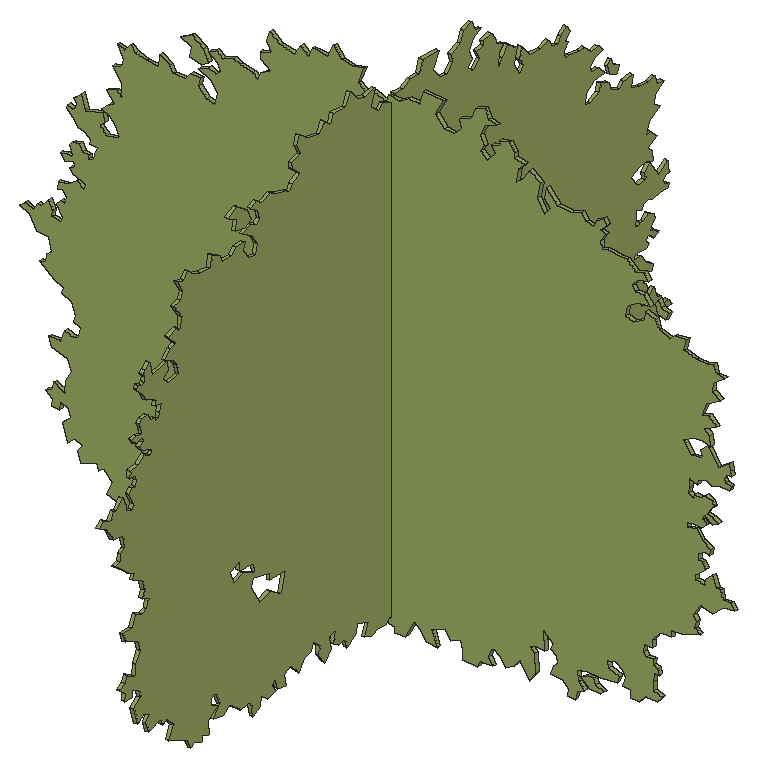
Revit family "회양목", category 수목, Revit 2019
Family settings
  OmniClass 번호 = 23.40.05.00
  OmniClass 제목 = Plants and Planting Products
  작업 기준면 기반 = 아니오
  항상 수직 = 예
  로드될 때 보이드를 사용하여 절단 = 아니오
  렌더 모양 소스 = 패밀리 형상
  공유 = 아니오
Parameters
  높이 = 6000 mm
Reference planes
  plane 1 "중심(앞/뒤)": y = 0
  plane 2: z = 0
  plane 3 "중심(왼쪽/오른쪽)": x = 0
Dimensions and locks
  aligned and locked: level to plane 2
Nested families
  nested 1: "회양목_base" at (0, 0, 0), type "회양목_base"
Definition of nested family "회양목_base"
  Parameters (values of type "회양목_base")
    Height = 6000 mm
  Reference planes
    plane 1 "중심(앞/뒤)": y = 0
    plane 2: z = 0
    plane 3 "중심(왼쪽/오른쪽)": x = 0
  Forms (mm)
    Extrusion 1, solid, detail levels fine
      sketch origin (0, 0, 0) x (1, 0, 0) y (0, 0, 1)
        loop
          line (-394.679, 39.716) -> (-403.323, 23.05) -> (-389.122, 18.112) -> (-370.907, 9.779) -> (-363.189, -4.419) -> (-358.559, 1.137) -> (-344.666, -4.11) -> (-343.74, 4.532) -> (-330.774, -1.641) -> (-333.553, 18.42) -> (-315.029, 29.223) -> (-327.687, 34.161) -> (-328.613, 44.037) -> (-319.66, 48.358) -> (-311.634, 29.84) -> (-322.747, 15.643) -> (-305.531, 11.699) -> (-294.443, 21.228) -> (-273.824, 5.671) -> (-256.9, 8.782) -> (-252.233, -12.269) -> (-239.394, -5.074) -> (-237.838, 7.567) -> (-225.778, -0.601) -> (-211.578, 3.094) -> (-217.413, 12.234) -> (-212.939, 19.235) -> (-207.104, 3.872) -> (-193.098, 1.927) -> (-196.21, 17.096) -> (-184.15, 23.125) -> (-169.366, 7.956) -> (-160.224, 21.375) -> (-147.774, 25.069) -> (-144.078, 35.376) -> (-132.796, 26.82) -> (-133.769, 14.568) -> (-123.07, 0.761) -> (-112.76, 14.179) -> (-115.289, 29.931) -> (-103.034, 34.404) -> (-107.508, 18.263) -> (-97.393, 11.651) -> (-87.861, 15.735) -> (-83.387, 2.511) -> (-67.456, 12.993) -> (-65.372, 25.001) -> (-43.923, 17.894) -> (-50.787, 1.842) -> (-38.04, -2.692) -> (-27.989, 1.964) -> (-13.036, 0.494) -> (-6.375, 7.962) -> (3.676, -2.331) -> (10.54, -3.679) -> (10.417, -11.153) -> (26.719, -10.541) -> (39.834, 12.863) -> (47.188, 6.492) -> (57.606, -6.497) -> (72.437, -8.213) -> (63.98, 12.863) -> (83.445, 19.798) -> (91.143, 7.563) -> (105.947, 13.483) -> (108.908, 1.643) -> (108.316, -10.987) -> (130.818, -11.973) -> (135.358, -5.066) -> (152.333, -4.277) -> (146.609, 5.787) -> (151.346, 19.008) -> (163.189, 11.707) -> (170.295, -0.33) -> (183.126, 7.366) -> (191.416, 16.246) -> (204.444, -4.277) -> (214.313, 7.563) -> (212.931, 34.006) -> (206.812, 39.531) -> (212.142, 43.281) -> (227.143, 41.307) -> (225.169, 66.961) -> (240.171, 55.91) -> (234.85, 46.553) -> (243.487, 41.642) -> (245.558, 31.806) -> (240.171, 27.057) -> (235.236, 15.612) -> (252.804, 13.639) -> (261.094, 4.364) -> (260.107, -4.911) -> (270.569, -5.898) -> (274.446, 5.799) -> (284.562, 10.359) -> (275.636, 19.878) -> (273.454, 33.164) -> (288.33, 35.94) -> (306.777, 34.949) -> (330.976, 37.13) -> (334.943, 46.252) -> (319.273, 52.796) -> (317.29, 61.124) -> (328.596, 63.9) -> (338.315, 56.96) -> (342.679, 47.045) -> (338.712, 35.94) -> (349.621, 34.949) -> (350.613, 24.835) -> (363.506, 24.439) -> (371.44, 33.561) -> (389.292, 33.362) -> (395.639, 40.303) -> (383.738, 45.459) -> (383.341, 57.158) -> (385.278, 67.579) -> (391.427, 67.579) -> (388.792, 76.009) -> (382.643, 78.819) -> (383.341, 86.011) -> (373.622, 86.011) -> (369.06, 90.572) -> (370.647, 100.09) -> (381.89, 100.09) -> (382.059, 110.124) -> (392.873, 123.131) -> (409.769, 123.638) -> (409.262, 131.915) -> (423.793, 132.928) -> (450.134, 140.941) -> (442.493, 146.542) -> (445.38, 156.048) -> (440.965, 163.347) -> (451.38, 178.69) -> (467.51, 174.107) -> (484.489, 187.347) -> (499.94, 188.535) -> (494.337, 197.023) -> (481.772, 196.344) -> (479.565, 208.395) -> (473.962, 209.074) -> (468.699, 224.012) -> (458.511, 214.676) -> (456.983, 207.716) -> (444.079, 209.414) -> (444.079, 216.373) -> (457.662, 227.576) -> (453.363, 235.405) -> (448.374, 236.953) -> (448.374, 244.519) -> (457.147, 250.022) -> (463.511, 246.927) -> (465.748, 255.525) -> (453.019, 262.919) -> (444.418, 274.785) -> (432.549, 273.237) -> (432.205, 278.912) -> (438.57, 281.148) -> (452.847, 279.944) -> (458.695, 284.759) -> (453.191, 290.606) -> (456.975, 296.453) -> (467.984, 288.198) -> (476.928, 293.013) -> (468.672, 298.172) -> (460.415, 300.064) -> (464.543, 307.114) -> (469.305, 311.988) -> (467.348, 318.402) -> (458.649, 323.076) -> (450.711, 317.206) -> (442.447, 318.619) -> (441.034, 314.271) -> (434.075, 318.293) -> (435.488, 324.598) -> (435.379, 336.773) -> (446.906, 332.968) -> (447.558, 339.056) -> (457.997, 342.426) -> (466.152, 338.186) -> (479.853, 341.774) -> (492.466, 341.448) -> (494.749, 346.883) -> (486.92, 349.601) -> (484.854, 353.84) -> (489.095, 359.819) -> (495.946, 360.254) -> (493.771, 366.776) -> (493.118, 376.451) -> (475.938, 364.82) -> (460.502, 387.684) -> (450.824, 378.879) -> (453.108, 369.204) -> (438.428, 368.008) -> (426.685, 383.227) -> (440.059, 390.511) -> (453.325, 392.141) -> (465.395, 388.01) -> (463.764, 402.251) -> (457.214, 408.902) -> (474.002, 416.313) -> (462.477, 426.931) -> (453.016, 425.064) -> (459.662, 441.342) -> (479.326, 452.533) -> (468.598, 460.35) -> (469.041, 471.178) -> (485.044, 482.898) -> (473.078, 484.343) -> (469.658, 495.388) -> (459.301, 492.31) -> (444.264, 493.659) -> (426.585, 499.013) -> (430.975, 514.351) -> (414.109, 512.619) -> (406.727, 506.338) -> (389.794, 512.858) -> (386.185, 523.78) -> (372.179, 529.494) -> (370.552, 518.319) -> (355.09, 510.55) -> (343.384, 513.774) -> (345.461, 527.166) -> (360.84, 536.976) -> (379.481, 538.703) -> (368.863, 550.264) -> (357.148, 549.939) -> (353.617, 557.045) -> (361.007, 565.988) -> (376.724, 569.408) -> (368.849, 578.034) -> (357.305, 575.402) -> (344.548, 587.07) -> (335.214, 586.761) -> (316.5, 589.641) -> (307.829, 587.885) -> (306.8, 597.719) -> (314.05, 608.254) -> (307.114, 611.326) -> (316.694, 620.411) -> (312.049, 628.31) -> (300.864, 621.284) -> (296.672, 612.13) -> (285.459, 615.269) -> (279.872, 624.337) -> (265.55, 619.413) -> (245.636, 621.16) -> (230.052, 638.613) -> (226.884, 622.994) -> (234.628, 613.061) -> (226.922, 603.972) -> (217.054, 621.232) -> (221.575, 641.76) -> (205.703, 651.981) -> (196.29, 639.056) -> (186.802, 631.757) -> (189.259, 648.629) -> (197.679, 657.359) -> (183.757, 661.681) -> (183.414, 667.219) -> (176.3, 678.846) -> (161.822, 675.846) -> (163.129, 669.158) -> (150.797, 666.867) -> (155.591, 655.96) -> (145.38, 645.448) -> (134.592, 652.888) -> (141.046, 661.266) -> (135.007, 674.141) -> (142.545, 687.338) -> (157.301, 693.999) -> (145.787, 697.332) -> (141.175, 709.489) -> (127.138, 704.256) -> (122.008, 690.069) -> (104.216, 683.595) -> (107.401, 672.157) -> (97.01, 661.288) -> (83.44, 663.644) -> (70.01, 678.202) -> (82.001, 698.559) -> (52.136, 699.916) -> (46.932, 683.178) -> (31.773, 683.857) -> (18.198, 677.071) -> (1.908, 677.976) -> (-0.807, 668.25) -> (-18.455, 675.262) -> (-25.695, 667.797) -> (-41.184, 679.361) -> (-33.039, 700.397) -> (-50.234, 697.004) -> (-64.714, 700.85) -> (-76.479, 714.647) -> (-85.077, 698.588) -> (-107.249, 700.171) -> (-112, 688.183) -> (-123.765, 697.457) -> (-131.911, 684.564) -> (-153.178, 688.635) -> (-168.563, 699.719) -> (-172.636, 687.278) -> (-165.622, 673.481) -> (-181.912, 669.409) -> (-181.007, 661.04) -> (-167.658, 649.731) -> (-181.219, 642.084) -> (-185.961, 633.546) -> (-193.161, 638.498) -> (-211.282, 643.125) -> (-219.645, 647.019) -> (-235.754, 641.354) -> (-245.225, 648.215) -> (-255.72, 643.424) -> (-242.762, 634.232) -> (-239.509, 623.245) -> (-245.468, 618.154) -> (-255.988, 622.984) -> (-270.112, 616.588) -> (-253.841, 607.803) -> (-243.663, 592.936) -> (-246.96, 579.962) -> (-258.845, 581.564) -> (-269.888, 594.609) -> (-267.041, 605.394) -> (-281.981, 605.623) -> (-289.488, 597.095) -> (-307.399, 597.725) -> (-311.677, 606.29) -> (-326.333, 614.392) -> (-328.281, 598.755) -> (-346.418, 600.733) -> (-360.605, 605.328) -> (-368.826, 612.134) -> (-376.209, 603.421) -> (-387.642, 606.74) -> (-377.636, 589.895) -> (-381.425, 579.883) -> (-394.2, 576.933) -> (-380.663, 559.151) -> (-380.925, 541.786) -> (-388.8, 547.145) -> (-403.383, 541.958) -> (-390.996, 528.725) -> (-399.523, 525.216) -> (-410.026, 515.723) -> (-398.382, 510.908) -> (-389.611, 501.041) -> (-384.449, 486.912) -> (-403.088, 483.293) -> (-413.191, 493.76) -> (-405.183, 499.443) -> (-406.611, 512.287) -> (-432.979, 505.41) -> (-438.124, 525.247) -> (-444.923, 518.5) -> (-450.792, 515.084) -> (-445.997, 510.29) -> (-446.755, 503.09) -> (-451.054, 501.295) -> (-458.632, 504.39) -> (-460.486, 498.87) -> (-450.922, 490.879) -> (-443.106, 479.277) -> (-434.292, 477.098) -> (-425.875, 470.277) -> (-427.441, 464.436) -> (-415.467, 463.838) -> (-419.902, 452.659) -> (-420.844, 446.346) -> (-428.688, 445.118) -> (-428.442, 449.628) -> (-436.559, 451.268) -> (-441.783, 459.502) -> (-451.462, 458.293) -> (-455.548, 453.08) -> (-452.896, 446.895) -> (-451.603, 438.929) -> (-459.883, 440.126) -> (-469.327, 438.312) -> (-462.801, 430.691) -> (-449.719, 434.377) -> (-448.314, 427.643) -> (-455.467, 424.215) -> (-451.793, 417.697) -> (-438.21, 413.723) -> (-433.142, 409.397) -> (-435.48, 404.291) -> (-445.864, 409.943) -> (-458.013, 402.073) -> (-472.373, 399.792) -> (-473.374, 391.074) -> (-466.408, 391.66) -> (-460.285, 383.466) -> (-462.978, 376.495) -> (-468.125, 376.845) -> (-474.874, 371.163) -> (-466.348, 356.005) -> (-468.826, 349.593) -> (-481.319, 352.623) -> (-480.249, 359.579) -> (-486.311, 371.808) -> (-496.479, 359.919) -> (-501.883, 361.288) -> (-508.208, 350.97) -> (-519.542, 356.069) -> (-527.726, 350.244) -> (-513.913, 343.649) -> (-502.984, 325.405) -> (-486.491, 323.885) -> (-482.357, 306.04) -> (-489.023, 300.887) -> (-489.748, 291.101) -> (-498.782, 288.661) -> (-477.366, 271.9) -> (-464.339, 265.793) -> (-467.753, 258.348) -> (-452.366, 251.865) -> (-447.033, 236.031) -> (-450.45, 226.727) -> (-440.091, 222.724) -> (-442.683, 210.165) -> (-450.522, 206.697) -> (-462.57, 211.352) -> (-468.665, 197.04) -> (-485.887, 196.35) -> (-481.343, 184.707) -> (-459.121, 176.402) -> (-453.655, 161.295) -> (-462.297, 146.783) -> (-463.217, 131.758) -> (-478.246, 139.73) -> (-481.007, 130.838) -> (-490.515, 125.625) -> (-480.7, 117.959) -> (-481.927, 107.84) -> (-469.658, 107.227) -> (-469.045, 117.346) -> (-458.003, 113.053) -> (-454.322, 102.014) -> (-466.61, 91.567) -> (-459.201, 69.037) -> (-448.396, 77.987) -> (-437.899, 72.74) -> (-444.074, 63.79) -> (-439.752, 50.21) -> (-417.524, 57.617) -> (-414.745, 48.667) -> (-407.027, 52.988) -> (-394.679, 39.716)
        loop
          line (-250.811, 184.451) -> (-276.115, 186.291) -> (-276.115, 198.71) -> (-293.598, 191.351) -> (-285.755, 172.719) -> (-268.968, 179.786) -> (-248.05, 171.573) -> (-250.811, 184.451)
        loop
          line (-220.457, 134.968) -> (-200.777, 122.816) -> (-193.541, 150.303) -> (-221.614, 150.303) -> (-221.036, 158.983) -> (-252.872, 166.217) -> (-255.517, 154.574) -> (-240.717, 128.892) -> (-220.457, 134.968)
        loop
          line (300.551, 23.9) -> (297.675, 31.438) -> (287.803, 30.971) -> (278.086, 25.687) -> (291.223, 15.584) -> (306.848, 13.952) -> (311.512, 18.149) -> (300.551, 23.9)
        loop
          line (389.394, 533.234) -> (400.518, 528.386) -> (404.732, 538.058) -> (394.759, 542.404) -> (390.82, 551.483) -> (385.971, 544.924) -> (389.394, 533.234)
        loop
          line (-296.318, 647.982) -> (-280.922, 640.713) -> (-283.773, 626.746) -> (-266.267, 623.172) -> (-256.544, 628.884) -> (-262.959, 644.704) -> (-280.637, 655.963) -> (-296.318, 647.982)
      from 0 to 5
    Extrusion 2, solid, detail levels fine
      sketch origin (0, 0, 0) x (0, 1, 0) y (0, 0, 1)
        loop
          line (-394.679, 39.716) -> (-403.323, 23.05) -> (-389.122, 18.112) -> (-370.907, 9.779) -> (-363.189, -4.419) -> (-358.559, 1.137) -> (-344.666, -4.11) -> (-343.74, 4.532) -> (-330.774, -1.641) -> (-333.553, 18.42) -> (-315.029, 29.223) -> (-327.687, 34.161) -> (-328.613, 44.037) -> (-319.66, 48.358) -> (-311.634, 29.84) -> (-322.747, 15.643) -> (-305.531, 11.699) -> (-294.443, 21.228) -> (-273.824, 5.671) -> (-256.9, 8.782) -> (-252.233, -12.269) -> (-239.394, -5.074) -> (-237.838, 7.567) -> (-225.778, -0.601) -> (-211.578, 3.094) -> (-217.413, 12.234) -> (-212.939, 19.235) -> (-207.104, 3.872) -> (-193.098, 1.927) -> (-196.21, 17.096) -> (-184.15, 23.125) -> (-169.366, 7.956) -> (-160.224, 21.375) -> (-147.774, 25.069) -> (-144.078, 35.376) -> (-132.796, 26.82) -> (-133.769, 14.568) -> (-123.07, 0.761) -> (-112.76, 14.179) -> (-115.289, 29.931) -> (-103.034, 34.404) -> (-107.508, 18.263) -> (-97.393, 11.651) -> (-87.861, 15.735) -> (-83.387, 2.511) -> (-67.456, 12.993) -> (-65.372, 25.001) -> (-43.923, 17.894) -> (-50.787, 1.842) -> (-38.04, -2.692) -> (-27.989, 1.964) -> (-13.036, 0.494) -> (-6.375, 7.962) -> (3.676, -2.331) -> (10.54, -3.679) -> (10.417, -11.153) -> (26.719, -10.541) -> (39.834, 12.863) -> (47.188, 6.492) -> (57.606, -6.497) -> (72.437, -8.213) -> (63.98, 12.863) -> (83.445, 19.798) -> (91.143, 7.563) -> (105.947, 13.483) -> (108.908, 1.643) -> (108.316, -10.987) -> (130.818, -11.973) -> (135.358, -5.066) -> (152.333, -4.277) -> (146.609, 5.787) -> (151.346, 19.008) -> (163.189, 11.707) -> (170.295, -0.33) -> (183.126, 7.366) -> (191.416, 16.246) -> (204.444, -4.277) -> (214.313, 7.563) -> (212.931, 34.006) -> (206.812, 39.531) -> (212.142, 43.281) -> (227.143, 41.307) -> (225.169, 66.961) -> (240.171, 55.91) -> (234.85, 46.553) -> (243.487, 41.642) -> (245.558, 31.806) -> (240.171, 27.057) -> (235.236, 15.612) -> (252.804, 13.639) -> (261.094, 4.364) -> (260.107, -4.911) -> (270.569, -5.898) -> (274.446, 5.799) -> (284.562, 10.359) -> (275.636, 19.878) -> (273.454, 33.164) -> (288.33, 35.94) -> (306.777, 34.949) -> (330.976, 37.13) -> (334.943, 46.252) -> (319.273, 52.796) -> (317.29, 61.124) -> (328.596, 63.9) -> (338.315, 56.96) -> (342.679, 47.045) -> (338.712, 35.94) -> (349.621, 34.949) -> (350.613, 24.835) -> (363.506, 24.439) -> (371.44, 33.561) -> (389.292, 33.362) -> (395.639, 40.303) -> (383.738, 45.459) -> (383.341, 57.158) -> (385.278, 67.579) -> (391.427, 67.579) -> (388.792, 76.009) -> (382.643, 78.819) -> (383.341, 86.011) -> (373.622, 86.011) -> (369.06, 90.572) -> (370.647, 100.09) -> (381.89, 100.09) -> (382.059, 110.124) -> (392.873, 123.131) -> (409.769, 123.638) -> (409.262, 131.915) -> (423.793, 132.928) -> (450.134, 140.941) -> (442.493, 146.542) -> (445.38, 156.048) -> (440.965, 163.347) -> (451.38, 178.69) -> (467.51, 174.107) -> (484.489, 187.347) -> (499.94, 188.535) -> (494.337, 197.023) -> (481.772, 196.344) -> (479.565, 208.395) -> (473.962, 209.074) -> (468.699, 224.012) -> (458.511, 214.676) -> (456.983, 207.716) -> (444.079, 209.414) -> (444.079, 216.373) -> (457.662, 227.576) -> (453.363, 235.405) -> (448.374, 236.953) -> (448.374, 244.519) -> (457.147, 250.022) -> (463.511, 246.927) -> (465.748, 255.525) -> (453.019, 262.919) -> (444.418, 274.785) -> (432.549, 273.237) -> (432.205, 278.912) -> (438.57, 281.148) -> (452.847, 279.944) -> (458.695, 284.759) -> (453.191, 290.606) -> (456.975, 296.453) -> (467.984, 288.198) -> (476.928, 293.013) -> (468.672, 298.172) -> (460.415, 300.064) -> (464.543, 307.114) -> (469.305, 311.988) -> (467.348, 318.402) -> (458.649, 323.076) -> (450.711, 317.206) -> (442.447, 318.619) -> (441.034, 314.271) -> (434.075, 318.293) -> (435.488, 324.598) -> (435.379, 336.773) -> (446.906, 332.968) -> (447.558, 339.056) -> (457.997, 342.426) -> (466.152, 338.186) -> (479.853, 341.774) -> (492.466, 341.448) -> (494.749, 346.883) -> (486.92, 349.601) -> (484.854, 353.84) -> (489.095, 359.819) -> (495.946, 360.254) -> (493.771, 366.776) -> (493.118, 376.451) -> (475.938, 364.82) -> (460.502, 387.684) -> (450.824, 378.879) -> (453.108, 369.204) -> (438.428, 368.008) -> (426.685, 383.227) -> (440.059, 390.511) -> (453.325, 392.141) -> (465.395, 388.01) -> (463.764, 402.251) -> (457.214, 408.902) -> (474.002, 416.313) -> (462.477, 426.931) -> (453.016, 425.064) -> (459.662, 441.342) -> (479.326, 452.533) -> (468.598, 460.35) -> (469.041, 471.178) -> (485.044, 482.898) -> (473.078, 484.343) -> (469.658, 495.388) -> (459.301, 492.31) -> (444.264, 493.659) -> (426.585, 499.013) -> (430.975, 514.351) -> (414.109, 512.619) -> (406.727, 506.338) -> (389.794, 512.858) -> (386.185, 523.78) -> (372.179, 529.494) -> (370.552, 518.319) -> (355.09, 510.55) -> (343.384, 513.774) -> (345.461, 527.166) -> (360.84, 536.976) -> (379.481, 538.703) -> (368.863, 550.264) -> (357.148, 549.939) -> (353.617, 557.045) -> (361.007, 565.988) -> (376.724, 569.408) -> (368.849, 578.034) -> (357.305, 575.402) -> (344.548, 587.07) -> (335.214, 586.761) -> (316.5, 589.641) -> (307.829, 587.885) -> (306.8, 597.719) -> (314.05, 608.254) -> (307.114, 611.326) -> (316.694, 620.411) -> (312.049, 628.31) -> (300.864, 621.284) -> (296.672, 612.13) -> (285.459, 615.269) -> (279.872, 624.337) -> (265.55, 619.413) -> (245.636, 621.16) -> (230.052, 638.613) -> (226.884, 622.994) -> (234.628, 613.061) -> (226.922, 603.972) -> (217.054, 621.232) -> (221.575, 641.76) -> (205.703, 651.981) -> (196.29, 639.056) -> (186.802, 631.757) -> (189.259, 648.629) -> (197.679, 657.359) -> (183.757, 661.681) -> (183.414, 667.219) -> (176.3, 678.846) -> (161.822, 675.846) -> (163.129, 669.158) -> (150.797, 666.867) -> (155.591, 655.96) -> (145.38, 645.448) -> (134.592, 652.888) -> (141.046, 661.266) -> (135.007, 674.141) -> (142.545, 687.338) -> (157.301, 693.999) -> (145.787, 697.332) -> (141.175, 709.489) -> (127.138, 704.256) -> (122.008, 690.069) -> (104.216, 683.595) -> (107.401, 672.157) -> (97.01, 661.288) -> (83.44, 663.644) -> (70.01, 678.202) -> (82.001, 698.559) -> (52.136, 699.916) -> (46.932, 683.178) -> (31.773, 683.857) -> (18.198, 677.071) -> (1.908, 677.976) -> (-0.807, 668.25) -> (-18.455, 675.262) -> (-25.695, 667.797) -> (-41.184, 679.361) -> (-33.039, 700.397) -> (-50.234, 697.004) -> (-64.714, 700.85) -> (-76.479, 714.647) -> (-85.077, 698.588) -> (-107.249, 700.171) -> (-112, 688.183) -> (-123.765, 697.457) -> (-131.911, 684.564) -> (-153.178, 688.635) -> (-168.563, 699.719) -> (-172.636, 687.278) -> (-165.622, 673.481) -> (-181.912, 669.409) -> (-181.007, 661.04) -> (-167.658, 649.731) -> (-181.219, 642.084) -> (-185.961, 633.546) -> (-193.161, 638.498) -> (-211.282, 643.125) -> (-219.645, 647.019) -> (-235.754, 641.354) -> (-245.225, 648.215) -> (-255.72, 643.424) -> (-242.762, 634.232) -> (-239.509, 623.245) -> (-245.468, 618.154) -> (-255.988, 622.984) -> (-270.112, 616.588) -> (-253.841, 607.803) -> (-243.663, 592.936) -> (-246.96, 579.962) -> (-258.845, 581.564) -> (-269.888, 594.609) -> (-267.041, 605.394) -> (-281.981, 605.623) -> (-289.488, 597.095) -> (-307.399, 597.725) -> (-311.677, 606.29) -> (-326.333, 614.392) -> (-328.281, 598.755) -> (-346.418, 600.733) -> (-360.605, 605.328) -> (-368.826, 612.134) -> (-376.209, 603.421) -> (-387.642, 606.74) -> (-377.636, 589.895) -> (-381.425, 579.883) -> (-394.2, 576.933) -> (-380.663, 559.151) -> (-380.925, 541.786) -> (-388.8, 547.145) -> (-403.383, 541.958) -> (-390.996, 528.725) -> (-399.523, 525.216) -> (-410.026, 515.723) -> (-398.382, 510.908) -> (-389.611, 501.041) -> (-384.449, 486.912) -> (-403.088, 483.293) -> (-413.191, 493.76) -> (-405.183, 499.443) -> (-406.611, 512.287) -> (-432.979, 505.41) -> (-438.124, 525.247) -> (-444.923, 518.5) -> (-450.792, 515.084) -> (-445.997, 510.29) -> (-446.755, 503.09) -> (-451.054, 501.295) -> (-458.632, 504.39) -> (-460.486, 498.87) -> (-450.922, 490.879) -> (-443.106, 479.277) -> (-434.292, 477.098) -> (-425.875, 470.277) -> (-427.441, 464.436) -> (-415.467, 463.838) -> (-419.902, 452.659) -> (-420.844, 446.346) -> (-428.688, 445.118) -> (-428.442, 449.628) -> (-436.559, 451.268) -> (-441.783, 459.502) -> (-451.462, 458.293) -> (-455.548, 453.08) -> (-452.896, 446.895) -> (-451.603, 438.929) -> (-459.883, 440.126) -> (-469.327, 438.312) -> (-462.801, 430.691) -> (-449.719, 434.377) -> (-448.314, 427.643) -> (-455.467, 424.215) -> (-451.793, 417.697) -> (-438.21, 413.723) -> (-433.142, 409.397) -> (-435.48, 404.291) -> (-445.864, 409.943) -> (-458.013, 402.073) -> (-472.373, 399.792) -> (-473.374, 391.074) -> (-466.408, 391.66) -> (-460.285, 383.466) -> (-462.978, 376.495) -> (-468.125, 376.845) -> (-474.874, 371.163) -> (-466.348, 356.005) -> (-468.826, 349.593) -> (-481.319, 352.623) -> (-480.249, 359.579) -> (-486.311, 371.808) -> (-496.479, 359.919) -> (-501.883, 361.288) -> (-508.208, 350.97) -> (-519.542, 356.069) -> (-527.726, 350.244) -> (-513.913, 343.649) -> (-502.984, 325.405) -> (-486.491, 323.885) -> (-482.357, 306.04) -> (-489.023, 300.887) -> (-489.748, 291.101) -> (-498.782, 288.661) -> (-477.366, 271.9) -> (-464.339, 265.793) -> (-467.753, 258.348) -> (-452.366, 251.865) -> (-447.033, 236.031) -> (-450.45, 226.727) -> (-440.091, 222.724) -> (-442.683, 210.165) -> (-450.522, 206.697) -> (-462.57, 211.352) -> (-468.665, 197.04) -> (-485.887, 196.35) -> (-481.343, 184.707) -> (-459.121, 176.402) -> (-453.655, 161.295) -> (-462.297, 146.783) -> (-463.217, 131.758) -> (-478.246, 139.73) -> (-481.007, 130.838) -> (-490.515, 125.625) -> (-480.7, 117.959) -> (-481.927, 107.84) -> (-469.658, 107.227) -> (-469.045, 117.346) -> (-458.003, 113.053) -> (-454.322, 102.014) -> (-466.61, 91.567) -> (-459.201, 69.037) -> (-448.396, 77.987) -> (-437.899, 72.74) -> (-444.074, 63.79) -> (-439.752, 50.21) -> (-417.524, 57.617) -> (-414.745, 48.667) -> (-407.027, 52.988) -> (-394.679, 39.716)
        loop
          line (-250.811, 184.451) -> (-276.115, 186.291) -> (-276.115, 198.71) -> (-293.598, 191.351) -> (-285.755, 172.719) -> (-268.968, 179.786) -> (-248.05, 171.573) -> (-250.811, 184.451)
        loop
          line (-220.457, 134.968) -> (-200.777, 122.816) -> (-193.541, 150.303) -> (-221.614, 150.303) -> (-221.036, 158.983) -> (-252.872, 166.217) -> (-255.517, 154.574) -> (-240.717, 128.892) -> (-220.457, 134.968)
        loop
          line (300.551, 23.9) -> (297.675, 31.438) -> (287.803, 30.971) -> (278.086, 25.687) -> (291.223, 15.584) -> (306.848, 13.952) -> (311.512, 18.149) -> (300.551, 23.9)
        loop
          line (389.394, 533.234) -> (400.518, 528.386) -> (404.732, 538.058) -> (394.759, 542.404) -> (390.82, 551.483) -> (385.971, 544.924) -> (389.394, 533.234)
        loop
          line (-296.318, 647.982) -> (-280.922, 640.713) -> (-283.773, 626.746) -> (-266.267, 623.172) -> (-256.544, 628.884) -> (-262.959, 644.704) -> (-280.637, 655.963) -> (-296.318, 647.982)
      from 0 to 5
    Revolve 3, solid, detail levels coarse
      sketch origin (0, 0, 0) x (1, 0, 0) y (0, 0, 1)
        loop
          line (0, 0) -> (0, 700)
          arc (0, 700) -> (-172.349, 675.994) -> (-328.281, 598.755) r 543.566
          arc (-328.281, 598.755) -> (-490.214, 309.237) -> (-370.15, 0) r 389.277
          line (-370.15, 0) -> (0, 0)
        axis (0, 700) -> (0, 0)
      angle from 0 to 360
  Lines and regions (mm)
    symbolic lines
      curve 1: circle (5, -5, 0) r 24.371 normal (0, 0, 1)
      curve 2: line (22.21, 256.742, 0) -> (35.846, 262.99, 0)
      curve 3: line (35.846, 262.99, 0) -> (43.964, 277.129, 0)
      curve 4: line (43.964, 277.129, 0) -> (47.392, 284.283, 0)
      curve 5: line (47.392, 284.283, 0) -> (52.132, 258.086, 0)
      curve 6: line (52.132, 258.086, 0) -> (64.742, 245.283, 0)
      curve 7: line (64.742, 245.283, 0) -> (73.886, 237.699, 0)
      curve 8: line (73.886, 237.699, 0) -> (101.059, 251.31, 0)
      curve 9: line (101.059, 251.31, 0) -> (109.227, 263.547, 0)
      curve 10: line (109.227, 263.547, 0) -> (109.227, 241.788, 0)
      curve 11: line (109.227, 241.788, 0) -> (120.104, 228.207, 0)
      curve 12: line (120.104, 228.207, 0) -> (133.73, 228.207, 0)
      curve 13: line (133.73, 228.207, 0) -> (150.026, 234.983, 0)
      curve 14: line (150.026, 234.983, 0) -> (182.657, 273.04, 0)
      curve 15: line (182.657, 273.04, 0) -> (159.548, 210.507, 0)
      curve 16: line (159.548, 210.507, 0) -> (159.548, 195.582, 0)
      curve 17: line (159.548, 195.582, 0) -> (159.548, 190.121, 0)
      curve 18: line (159.548, 190.121, 0) -> (167.716, 187.404, 0)
      curve 19: line (-219.21, 135.233, 0) -> (-217.802, 150.166, 0)
      curve 20: line (-217.802, 150.166, 0) -> (-225.988, 164.266, 0)
      curve 21: line (-225.988, 164.266, 0) -> (-230.47, 170.812, 0)
      curve 22: line (-230.47, 170.812, 0) -> (-205.412, 161.818, 0)
      curve 23: line (-205.412, 161.818, 0) -> (-188.019, 166.337, 0)
      curve 24: line (-188.019, 166.337, 0) -> (-176.88, 170.464, 0)
      curve 25: line (-176.88, 170.464, 0) -> (-175.08, 200.802, 0)
      curve 26: line (-175.08, 200.802, 0) -> (-181.595, 213.994, 0)
      curve 27: line (-181.595, 213.994, 0) -> (-162.75, 203.115, 0)
      curve 28: line (-162.75, 203.115, 0) -> (-145.55, 205.744, 0)
      curve 29: line (-145.55, 205.744, 0) -> (-138.737, 217.545, 0)
      curve 30: line (-138.737, 217.545, 0) -> (-136.457, 235.045, 0)
      curve 31: line (-136.457, 235.045, 0) -> (-139.399, 257.171, 0)
      curve 32: line (-139.399, 257.171, 0) -> (-144.756, 280.295, 0)
      curve 33: line (-144.756, 280.295, 0) -> (-153.1, 282.333, 0)
      curve 34: line (-153.1, 282.333, 0) -> (-147.288, 267.982, 0)
      curve 35: line (-147.288, 267.982, 0) -> (-126.206, 244.535, 0)
      curve 36: line (-126.206, 244.535, 0) -> (-110.5, 231.054, 0)
      curve 37: line (-110.5, 231.054, 0) -> (-97.574, 223.592, 0)
      curve 38: line (-97.574, 223.592, 0) -> (-92.844, 220.861, 0)
      curve 39: line (-92.844, 220.861, 0) -> (-86.408, 226.576, 0)
      curve 40: line (286.012, 283.584, 0) -> (310.665, 281.556, 0)
      curve 41: line (310.665, 281.556, 0) -> (329.124, 291.782, 0)
      curve 42: line (329.124, 291.782, 0) -> (318.842, 263.088, 0)
      curve 43: line (318.842, 263.088, 0) -> (318.842, 244.62, 0)
      curve 44: line (318.842, 244.62, 0) -> (337.361, 240.521, 0)
      curve 45: line (337.361, 240.521, 0) -> (361.953, 250.747, 0)
      curve 46: line (361.953, 250.747, 0) -> (351.732, 236.422, 0)
      curve 47: line (351.732, 236.422, 0) -> (345.538, 217.954, 0)
      curve 48: line (345.538, 217.954, 0) -> (351.732, 205.612, 0)
      curve 49: line (351.732, 205.612, 0) -> (370.191, 199.486, 0)
      curve 50: line (370.191, 199.486, 0) -> (359.909, 191.287, 0)
      curve 51: line (-360.222, -194.152, 0) -> (-378.677, -181.045, 0)
      curve 52: line (-378.677, -181.045, 0) -> (-403.281, -181.104, 0)
      curve 53: line (-403.281, -181.104, 0) -> (-415.218, -182.022, 0)
      curve 54: line (-415.218, -182.022, 0) -> (-384.556, -156.06, 0)
      curve 55: line (-384.556, -156.06, 0) -> (-377.338, -129.919, 0)
      curve 56: line (-377.338, -129.919, 0) -> (-374.327, -112.246, 0)
      curve 57: line (-374.327, -112.246, 0) -> (-412.618, -87.003, 0)
      curve 58: line (-412.618, -87.003, 0) -> (-434.775, -85.563, 0)
      curve 59: line (-434.775, -85.563, 0) -> (-406.338, -69.144, 0)
      curve 60: line (-406.338, -69.144, 0) -> (-396.795, -44.681, 0)
      curve 61: line (-396.795, -44.681, 0) -> (-407.077, -26.872, 0)
      curve 62: line (-407.077, -26.872, 0) -> (-428.229, -10.688, 0)
      curve 63: line (-428.229, -10.688, 0) -> (-459.365, 2.162, 0)
      curve 64: line (-459.365, 2.162, 0) -> (-493.628, 12.611, 0)
      curve 65: line (-493.628, 12.611, 0) -> (-502.588, 3.243, 0)
      curve 66: line (-502.588, 3.243, 0) -> (-479.447, 0.01, 0)
      curve 67: line (-479.447, 0.01, 0) -> (-432.895, 9.871, 0)
      curve 68: line (-432.895, 9.871, 0) -> (-403.426, 20.226, 0)
      curve 69: line (-403.426, 20.226, 0) -> (-383.921, 31.487, 0)
      curve 70: line (-383.921, 31.487, 0) -> (-376.783, 35.608, 0)
      curve 71: line (-376.783, 35.608, 0) -> (-379.396, 48.333, 0)
      curve 72: line (-391.777, 86.174, 0) -> (-402.347, 108.537, 0)
      curve 73: line (-402.347, 108.537, 0) -> (-420.433, 119.411, 0)
      curve 74: line (-420.433, 119.411, 0) -> (-390.442, 124.853, 0)
      curve 75: line (-390.442, 124.853, 0) -> (-374.448, 134.087, 0)
      curve 76: line (-374.448, 134.087, 0) -> (-380.158, 152.175, 0)
      curve 77: line (-380.158, 152.175, 0) -> (-401.31, 168.359, 0)
      curve 78: line (-401.31, 168.359, 0) -> (-383.793, 166.67, 0)
      curve 79: line (-383.793, 166.67, 0) -> (-364.703, 170.54, 0)
      curve 80: line (-364.703, 170.54, 0) -> (-357.111, 182.074, 0)
      curve 81: line (-357.111, 182.074, 0) -> (-361.035, 201.124, 0)
      curve 82: line (-361.035, 201.124, 0) -> (-348.794, 196.319, 0)
      curve 83: line (232.67, -161.408, 0) -> (231.262, -176.342, 0)
      curve 84: line (231.262, -176.342, 0) -> (239.448, -190.441, 0)
      curve 85: line (239.448, -190.441, 0) -> (243.93, -196.988, 0)
      curve 86: line (243.93, -196.988, 0) -> (218.872, -187.993, 0)
      curve 87: line (218.872, -187.993, 0) -> (201.48, -192.512, 0)
      curve 88: line (201.48, -192.512, 0) -> (190.34, -196.64, 0)
      curve 89: line (190.34, -196.64, 0) -> (188.541, -226.977, 0)
      curve 90: line (188.541, -226.977, 0) -> (195.055, -240.17, 0)
      curve 91: line (195.055, -240.17, 0) -> (176.211, -229.29, 0)
      curve 92: line (176.211, -229.29, 0) -> (159.01, -231.919, 0)
      curve 93: line (159.01, -231.919, 0) -> (152.197, -243.72, 0)
      curve 94: line (152.197, -243.72, 0) -> (149.918, -261.221, 0)
      curve 95: line (149.918, -261.221, 0) -> (152.86, -283.346, 0)
      curve 96: line (152.86, -283.346, 0) -> (158.216, -306.471, 0)
      curve 97: line (158.216, -306.471, 0) -> (166.56, -308.509, 0)
      curve 98: line (166.56, -308.509, 0) -> (160.748, -294.158, 0)
      curve 99: line (160.748, -294.158, 0) -> (139.666, -270.71, 0)
      curve 100: line (139.666, -270.71, 0) -> (123.96, -257.23, 0)
      curve 101: line (123.96, -257.23, 0) -> (111.035, -249.767, 0)
      curve 102: line (111.035, -249.767, 0) -> (106.305, -247.036, 0)
      curve 103: line (106.305, -247.036, 0) -> (99.868, -252.752, 0)
      curve 104: line (345.072, -234.613, 0) -> (342.948, -257.15, 0)
      curve 105: line (342.948, -257.15, 0) -> (355.301, -278.427, 0)
      curve 106: line (355.301, -278.427, 0) -> (362.065, -288.307, 0)
      curve 107: line (362.065, -288.307, 0) -> (324.25, -274.733, 0)
      curve 108: line (324.25, -274.733, 0) -> (298.002, -281.553, 0)
      curve 109: line (298.002, -281.553, 0) -> (281.192, -287.782, 0)
      curve 110: line (281.192, -287.782, 0) -> (278.476, -333.564, 0)
      curve 111: line (278.476, -333.564, 0) -> (288.307, -353.473, 0)
      curve 112: line (288.307, -353.473, 0) -> (259.869, -337.055, 0)
      curve 113: line (259.869, -337.055, 0) -> (233.912, -341.022, 0)
      curve 114: line (233.912, -341.022, 0) -> (223.63, -358.831, 0)
      curve 115: line (223.63, -358.831, 0) -> (220.19, -385.241, 0)
      curve 116: line (220.19, -385.241, 0) -> (224.63, -418.631, 0)
      curve 117: line (224.63, -418.631, 0) -> (232.713, -453.528, 0)
      curve 118: line (232.713, -453.528, 0) -> (245.305, -456.604, 0)
      curve 119: line (245.305, -456.604, 0) -> (236.535, -434.947, 0)
      curve 120: line (236.535, -434.947, 0) -> (204.719, -399.562, 0)
      curve 121: line (204.719, -399.562, 0) -> (181.017, -379.218, 0)
      curve 122: line (181.017, -379.218, 0) -> (161.512, -367.957, 0)
      curve 123: line (161.512, -367.957, 0) -> (154.373, -363.835, 0)
      curve 124: line (154.373, -363.835, 0) -> (144.66, -372.461, 0)
      curve 125: line (193.534, 181.972, 0) -> (209.87, 180.628, 0)
      curve 126: line (209.87, 180.628, 0) -> (222.102, 187.404, 0)
      curve 127: line (222.102, 187.404, 0) -> (215.289, 168.391, 0)
      curve 128: line (215.289, 168.391, 0) -> (215.289, 156.153, 0)
      curve 129: line (215.289, 156.153, 0) -> (227.56, 153.437, 0)
      curve 130: line (227.56, 153.437, 0) -> (243.856, 160.213, 0)
      curve 131: line (243.856, 160.213, 0) -> (237.083, 150.72, 0)
      curve 132: line (237.083, 150.72, 0) -> (232.979, 138.483, 0)
      curve 133: line (232.979, 138.483, 0) -> (237.083, 130.305, 0)
      curve 134: line (237.083, 130.305, 0) -> (249.315, 126.245, 0)
      curve 135: line (249.315, 126.245, 0) -> (242.501, 120.812, 0)
      curve 136: line (-180.074, -208.147, 0) -> (-196.41, -206.804, 0)
      curve 137: line (-196.41, -206.804, 0) -> (-208.642, -213.58, 0)
      curve 138: line (-208.642, -213.58, 0) -> (-201.828, -194.566, 0)
      curve 139: line (-201.828, -194.566, 0) -> (-201.828, -182.328, 0)
      curve 140: line (-201.828, -182.328, 0) -> (-214.1, -179.612, 0)
      curve 141: line (-214.1, -179.612, 0) -> (-230.396, -186.388, 0)
      curve 142: line (-230.396, -186.388, 0) -> (-223.623, -176.896, 0)
      curve 143: line (-223.623, -176.896, 0) -> (-219.519, -164.658, 0)
      curve 144: line (-219.519, -164.658, 0) -> (-223.623, -156.48, 0)
      curve 145: line (-223.623, -156.48, 0) -> (-235.854, -152.42, 0)
      curve 146: line (-235.854, -152.42, 0) -> (-229.041, -146.988, 0)
      curve 147: line (-19.255, -417.984, 0) -> (-39.834, -427.413, 0)
      curve 148: line (-39.834, -427.413, 0) -> (-52.085, -448.749, 0)
      curve 149: line (-52.085, -448.749, 0) -> (-57.259, -459.547, 0)
      curve 150: line (-57.259, -459.547, 0) -> (-64.411, -420.011, 0)
      curve 151: line (-64.411, -420.011, 0) -> (-83.441, -400.69, 0)
      curve 152: line (-83.441, -400.69, 0) -> (-97.24, -389.246, 0)
      curve 153: line (-97.24, -389.246, 0) -> (-138.247, -409.786, 0)
      curve 154: line (-138.247, -409.786, 0) -> (-150.573, -428.254, 0)
      curve 155: line (-150.573, -428.254, 0) -> (-150.573, -395.417, 0)
      curve 156: line (-150.573, -395.417, 0) -> (-166.988, -374.921, 0)
      curve 157: line (-166.988, -374.921, 0) -> (-187.552, -374.921, 0)
      curve 158: line (-187.552, -374.921, 0) -> (-212.144, -385.147, 0)
      curve 159: line (-212.144, -385.147, 0) -> (-238.84, -405.686, 0)
      curve 160: line (-238.84, -405.686, 0) -> (-265.02, -430.135, 0)
      curve 161: line (-265.02, -430.135, 0) -> (-261.388, -442.579, 0)
      curve 162: line (-261.388, -442.579, 0) -> (-247.017, -424.155, 0)
      curve 163: line (-247.017, -424.155, 0) -> (-232.281, -378.909, 0)
      curve 164: line (-232.281, -378.909, 0) -> (-226.514, -348.211, 0)
      curve 165: line (-226.514, -348.211, 0) -> (-226.514, -325.687, 0)
      curve 166: line (-226.514, -325.687, 0) -> (-226.514, -317.445, 0)
      curve 167: line (-226.514, -317.445, 0) -> (-238.84, -313.346, 0)
      curve 168: line (-8.749, -282.918, 0) -> (-22.386, -289.165, 0)
      curve 169: line (-22.386, -289.165, 0) -> (-30.504, -303.304, 0)
      curve 170: line (-30.504, -303.304, 0) -> (-33.932, -310.459, 0)
      curve 171: line (-33.932, -310.459, 0) -> (-38.671, -284.261, 0)
      curve 172: line (-38.671, -284.261, 0) -> (-51.282, -271.458, 0)
      curve 173: line (-51.282, -271.458, 0) -> (-60.426, -263.874, 0)
      curve 174: line (-60.426, -263.874, 0) -> (-87.599, -277.485, 0)
      curve 175: line (-87.599, -277.485, 0) -> (-95.766, -289.723, 0)
      curve 176: line (-95.766, -289.723, 0) -> (-95.766, -267.963, 0)
      curve 177: line (-95.766, -267.963, 0) -> (-106.644, -254.382, 0)
      curve 178: line (-106.644, -254.382, 0) -> (-120.27, -254.382, 0)
      curve 179: line (-120.27, -254.382, 0) -> (-136.566, -261.158, 0)
      curve 180: line (-136.566, -261.158, 0) -> (-154.256, -274.769, 0)
      curve 181: line (-154.256, -274.769, 0) -> (-171.604, -290.97, 0)
      curve 182: line (-171.604, -290.97, 0) -> (-169.197, -299.215, 0)
      curve 183: line (-169.197, -299.215, 0) -> (-159.675, -287.007, 0)
      curve 184: line (-159.675, -287.007, 0) -> (-149.91, -257.025, 0)
      curve 185: line (-149.91, -257.025, 0) -> (-146.088, -236.683, 0)
      curve 186: line (-146.088, -236.683, 0) -> (-146.088, -221.758, 0)
      curve 187: line (-146.088, -221.758, 0) -> (-146.088, -216.296, 0)
      curve 188: line (-146.088, -216.296, 0) -> (-154.256, -213.58, 0)
      curve 189: line (-277.803, -305.148, 0) -> (-302.455, -303.12, 0)
      curve 190: line (-302.455, -303.12, 0) -> (-320.914, -313.346, 0)
      curve 191: line (-320.914, -313.346, 0) -> (-310.632, -284.652, 0)
      curve 192: line (-310.632, -284.652, 0) -> (-310.632, -266.184, 0)
      curve 193: line (-310.632, -266.184, 0) -> (-329.151, -262.085, 0)
      curve 194: line (-329.151, -262.085, 0) -> (-353.743, -272.311, 0)
      curve 195: line (-353.743, -272.311, 0) -> (-343.522, -257.986, 0)
      curve 196: line (-343.522, -257.986, 0) -> (-337.329, -239.518, 0)
      curve 197: line (-337.329, -239.518, 0) -> (-343.522, -227.176, 0)
      curve 198: line (-343.522, -227.176, 0) -> (-361.981, -221.049, 0)
      curve 199: line (-361.981, -221.049, 0) -> (-351.699, -212.851, 0)
      curve 200: line (153.102, -402.104, 0) -> (139.02, -422.44, 0)
      curve 201: line (139.02, -422.44, 0) -> (138.647, -443.538, 0)
      curve 202: line (138.647, -443.538, 0) -> (118.938, -420.287, 0)
      curve 203: line (118.938, -420.287, 0) -> (102.944, -411.053, 0)
      curve 204: line (102.944, -411.053, 0) -> (90.135, -425.042, 0)
      curve 205: line (90.135, -425.042, 0) -> (86.694, -451.452, 0)
      curve 206: line (86.694, -451.452, 0) -> (79.399, -435.437, 0)
      curve 207: line (79.399, -435.437, 0) -> (66.502, -420.84, 0)
      curve 208: line (66.502, -420.84, 0) -> (52.718, -420.033, 0)
      curve 209: line (52.718, -420.033, 0) -> (38.182, -432.955, 0)
      curve 210: line (38.182, -432.955, 0) -> (36.223, -419.952, 0)
      curve 211: line (105.462, -272.395, 0) -> (96.131, -285.87, 0)
      curve 212: line (96.131, -285.87, 0) -> (95.883, -299.851, 0)
      curve 213: line (95.883, -299.851, 0) -> (82.824, -284.444, 0)
      curve 214: line (82.824, -284.444, 0) -> (72.225, -278.325, 0)
      curve 215: line (72.225, -278.325, 0) -> (63.737, -287.594, 0)
      curve 216: line (63.737, -287.594, 0) -> (61.457, -305.095, 0)
      curve 217: line (61.457, -305.095, 0) -> (56.624, -294.483, 0)
      curve 218: line (56.624, -294.483, 0) -> (48.077, -284.81, 0)
      curve 219: line (48.077, -284.81, 0) -> (38.943, -284.275, 0)
      curve 220: line (38.943, -284.275, 0) -> (29.311, -292.838, 0)
      curve 221: line (29.311, -292.838, 0) -> (28.013, -284.222, 0)
      curve 222: line (-234.689, -134.597, 0) -> (-246.918, -125.911, 0)
      curve 223: line (-246.918, -125.911, 0) -> (-263.222, -125.95, 0)
      curve 224: line (-263.222, -125.95, 0) -> (-271.132, -126.559, 0)
      curve 225: line (-271.132, -126.559, 0) -> (-250.814, -109.355, 0)
      curve 226: line (-250.814, -109.355, 0) -> (-246.031, -92.033, 0)
      curve 227: line (-246.031, -92.033, 0) -> (-244.036, -80.322, 0)
      curve 228: line (-244.036, -80.322, 0) -> (-269.409, -63.595, 0)
      curve 229: line (-269.409, -63.595, 0) -> (-284.091, -62.641, 0)
      curve 230: line (-284.091, -62.641, 0) -> (-265.247, -51.761, 0)
      curve 231: line (-265.247, -51.761, 0) -> (-258.924, -35.55, 0)
      curve 232: line (-258.924, -35.55, 0) -> (-265.737, -23.75, 0)
      curve 233: line (-265.737, -23.75, 0) -> (-279.753, -13.025, 0)
      curve 234: line (-279.753, -13.025, 0) -> (-300.385, -4.51, 0)
      curve 235: line (-300.385, -4.51, 0) -> (-323.09, 2.413, 0)
      curve 236: line (-323.09, 2.413, 0) -> (-329.027, -3.794, 0)
      curve 237: line (-329.027, -3.794, 0) -> (-313.693, -5.936, 0)
      curve 238: line (-313.693, -5.936, 0) -> (-282.845, 0.598, 0)
      curve 239: line (-282.845, 0.598, 0) -> (-263.318, 7.459, 0)
      curve 240: line (-263.318, 7.459, 0) -> (-250.393, 14.922, 0)
      curve 241: line (-250.393, 14.922, 0) -> (-245.663, 17.653, 0)
      curve 242: line (-245.663, 17.653, 0) -> (-247.394, 26.084, 0)
      curve 243: line (-255.599, 51.16, 0) -> (-262.603, 65.979, 0)
      curve 244: line (-262.603, 65.979, 0) -> (-274.587, 73.184, 0)
      curve 245: line (-274.587, 73.184, 0) -> (-254.714, 76.79, 0)
      curve 246: line (-254.714, 76.79, 0) -> (-244.116, 82.909, 0)
      curve 247: line (-244.116, 82.909, 0) -> (-247.899, 94.895, 0)
      curve 248: line (-247.899, 94.895, 0) -> (-261.915, 105.619, 0)
      curve 249: line (-261.915, 105.619, 0) -> (-250.308, 104.5, 0)
      curve 250: line (-250.308, 104.5, 0) -> (-237.658, 107.064, 0)
      curve 251: line (-237.658, 107.064, 0) -> (-232.628, 114.707, 0)
      curve 252: line (-232.628, 114.707, 0) -> (-235.228, 127.33, 0)
      curve 253: line (-235.228, 127.33, 0) -> (-227.116, 124.146, 0)
      curve 254: line (391.039, -90.31, 0) -> (401.61, -112.673, 0)
      curve 255: line (401.61, -112.673, 0) -> (419.695, -123.546, 0)
      curve 256: line (419.695, -123.546, 0) -> (389.704, -128.989, 0)
      curve 257: line (389.704, -128.989, 0) -> (373.711, -138.223, 0)
      curve 258: line (373.711, -138.223, 0) -> (379.42, -156.311, 0)
      curve 259: line (379.42, -156.311, 0) -> (400.572, -172.495, 0)
      curve 260: line (400.572, -172.495, 0) -> (383.055, -170.805, 0)
      curve 261: line (383.055, -170.805, 0) -> (363.965, -174.676, 0)
      curve 262: line (363.965, -174.676, 0) -> (356.374, -186.21, 0)
      curve 263: line (356.374, -186.21, 0) -> (360.297, -205.26, 0)
      curve 264: line (360.297, -205.26, 0) -> (348.057, -200.454, 0)
      curve 265: line (368.432, 172.588, 0) -> (386.887, 159.481, 0)
      curve 266: line (386.887, 159.481, 0) -> (411.491, 159.54, 0)
      curve 267: line (411.491, 159.54, 0) -> (423.428, 160.458, 0)
      curve 268: line (423.428, 160.458, 0) -> (392.766, 134.496, 0)
      curve 269: line (392.766, 134.496, 0) -> (385.548, 108.355, 0)
      curve 270: line (385.548, 108.355, 0) -> (382.537, 90.682, 0)
      curve 271: line (382.537, 90.682, 0) -> (420.828, 65.439, 0)
      curve 272: line (420.828, 65.439, 0) -> (442.985, 63.999, 0)
      curve 273: line (442.985, 63.999, 0) -> (414.547, 47.58, 0)
      curve 274: line (414.547, 47.58, 0) -> (405.005, 23.117, 0)
      curve 275: line (405.005, 23.117, 0) -> (415.287, 5.308, 0)
      curve 276: line (415.287, 5.308, 0) -> (436.439, -10.876, 0)
      curve 277: line (436.439, -10.876, 0) -> (467.575, -23.726, 0)
      curve 278: line (467.575, -23.726, 0) -> (501.838, -34.175, 0)
      curve 279: line (501.838, -34.175, 0) -> (510.798, -24.807, 0)
      curve 280: line (510.798, -24.807, 0) -> (487.657, -21.574, 0)
      curve 281: line (487.657, -21.574, 0) -> (441.105, -31.435, 0)
      curve 282: line (441.105, -31.435, 0) -> (411.636, -41.79, 0)
      curve 283: line (411.636, -41.79, 0) -> (392.13, -53.051, 0)
      curve 284: line (392.13, -53.051, 0) -> (384.992, -57.172, 0)
      curve 285: line (384.992, -57.172, 0) -> (387.606, -69.897, 0)
      curve 286: line (263.13, -65.786, 0) -> (270.134, -80.605, 0)
      curve 287: line (270.134, -80.605, 0) -> (282.118, -87.81, 0)
      curve 288: line (282.118, -87.81, 0) -> (262.245, -91.417, 0)
      curve 289: line (262.245, -91.417, 0) -> (251.647, -97.536, 0)
      curve 290: line (251.647, -97.536, 0) -> (255.43, -109.521, 0)
      curve 291: line (255.43, -109.521, 0) -> (269.447, -120.246, 0)
      curve 292: line (269.447, -120.246, 0) -> (257.839, -119.126, 0)
      curve 293: line (257.839, -119.126, 0) -> (245.189, -121.691, 0)
      curve 294: line (245.189, -121.691, 0) -> (240.159, -129.334, 0)
      curve 295: line (240.159, -129.334, 0) -> (242.759, -141.957, 0)
      curve 296: line (242.759, -141.957, 0) -> (234.648, -138.773, 0)
      curve 297: line (248.149, 108.422, 0) -> (260.378, 99.736, 0)
      curve 298: line (260.378, 99.736, 0) -> (276.682, 99.775, 0)
      curve 299: line (276.682, 99.775, 0) -> (284.592, 100.383, 0)
      curve 300: line (284.592, 100.383, 0) -> (264.274, 83.18, 0)
      curve 301: line (264.274, 83.18, 0) -> (259.491, 65.858, 0)
      curve 302: line (259.491, 65.858, 0) -> (257.496, 54.147, 0)
      curve 303: line (257.496, 54.147, 0) -> (282.869, 37.42, 0)
      curve 304: line (282.869, 37.42, 0) -> (297.551, 36.465, 0)
      curve 305: line (297.551, 36.465, 0) -> (278.707, 25.586, 0)
      curve 306: line (278.707, 25.586, 0) -> (272.384, 9.375, 0)
      curve 307: line (272.384, 9.375, 0) -> (279.197, -2.426, 0)
      curve 308: line (279.197, -2.426, 0) -> (293.213, -13.15, 0)
      curve 309: line (293.213, -13.15, 0) -> (313.846, -21.665, 0)
      curve 310: line (313.846, -21.665, 0) -> (336.55, -28.589, 0)
      curve 311: line (336.55, -28.589, 0) -> (342.487, -22.381, 0)
      curve 312: line (342.487, -22.381, 0) -> (327.153, -20.239, 0)
      curve 313: line (327.153, -20.239, 0) -> (296.306, -26.773, 0)
      curve 314: line (296.306, -26.773, 0) -> (276.778, -33.635, 0)
      curve 315: line (276.778, -33.635, 0) -> (263.853, -41.097, 0)
      curve 316: line (263.853, -41.097, 0) -> (259.123, -43.828, 0)
      curve 317: line (259.123, -43.828, 0) -> (260.854, -52.26, 0)
      curve 318: line (27.465, 396.42, 0) -> (48.044, 405.849, 0)
      curve 319: line (48.044, 405.849, 0) -> (60.295, 427.185, 0)
      curve 320: line (60.295, 427.185, 0) -> (65.468, 437.983, 0)
      curve 321: line (65.468, 437.983, 0) -> (72.621, 398.447, 0)
      curve 322: line (72.621, 398.447, 0) -> (91.651, 379.126, 0)
      curve 323: line (91.651, 379.126, 0) -> (105.45, 367.682, 0)
      curve 324: line (105.45, 367.682, 0) -> (146.457, 388.222, 0)
      curve 325: line (146.457, 388.222, 0) -> (158.783, 406.69, 0)
      curve 326: line (158.783, 406.69, 0) -> (158.783, 373.853, 0)
      curve 327: line (158.783, 373.853, 0) -> (175.198, 353.357, 0)
      curve 328: line (175.198, 353.357, 0) -> (195.761, 353.357, 0)
      curve 329: line (195.761, 353.357, 0) -> (220.353, 363.583, 0)
      curve 330: line (220.353, 363.583, 0) -> (269.598, 421.015, 0)
      curve 331: line (269.598, 421.015, 0) -> (234.724, 326.647, 0)
      curve 332: line (234.724, 326.647, 0) -> (234.724, 304.123, 0)
      curve 333: line (234.724, 304.123, 0) -> (234.724, 295.881, 0)
      curve 334: line (234.724, 295.881, 0) -> (247.05, 291.782, 0)
      curve 335: line (-109.869, 380.54, 0) -> (-95.787, 400.876, 0)
      curve 336: line (-95.787, 400.876, 0) -> (-95.414, 421.975, 0)
      curve 337: line (-95.414, 421.975, 0) -> (-75.705, 398.723, 0)
      curve 338: line (-75.705, 398.723, 0) -> (-59.711, 389.489, 0)
      curve 339: line (-59.711, 389.489, 0) -> (-46.902, 403.478, 0)
      curve 340: line (-46.902, 403.478, 0) -> (-43.461, 429.888, 0)
      curve 341: line (-43.461, 429.888, 0) -> (-36.166, 413.873, 0)
      curve 342: line (-36.166, 413.873, 0) -> (-23.269, 399.276, 0)
      curve 343: line (-23.269, 399.276, 0) -> (-9.485, 398.469, 0)
      curve 344: line (-9.485, 398.469, 0) -> (5.051, 411.391, 0)
      curve 345: line (5.051, 411.391, 0) -> (7.01, 398.388, 0)
      curve 346: line (-336.862, 213.05, 0) -> (-334.738, 235.586, 0)
      curve 347: line (-334.738, 235.586, 0) -> (-347.091, 256.863, 0)
      curve 348: line (-347.091, 256.863, 0) -> (-353.855, 266.743, 0)
      curve 349: line (-353.855, 266.743, 0) -> (-316.04, 253.169, 0)
      curve 350: line (-316.04, 253.169, 0) -> (-289.793, 259.989, 0)
      curve 351: line (-289.793, 259.989, 0) -> (-272.982, 266.218, 0)
      curve 352: line (-272.982, 266.218, 0) -> (-270.266, 312, 0)
      curve 353: line (-270.266, 312, 0) -> (-280.097, 331.909, 0)
      curve 354: line (-280.097, 331.909, 0) -> (-251.659, 315.491, 0)
      curve 355: line (-251.659, 315.491, 0) -> (-225.702, 319.458, 0)
      curve 356: line (-225.702, 319.458, 0) -> (-215.42, 337.267, 0)
      curve 357: line (-215.42, 337.267, 0) -> (-211.98, 363.677, 0)
      curve 358: line (-211.98, 363.677, 0) -> (-216.42, 397.067, 0)
      curve 359: line (-216.42, 397.067, 0) -> (-224.503, 431.964, 0)
      curve 360: line (-224.503, 431.964, 0) -> (-237.095, 435.04, 0)
      curve 361: line (-237.095, 435.04, 0) -> (-228.325, 413.383, 0)
      curve 362: line (-228.325, 413.383, 0) -> (-196.509, 377.998, 0)
      curve 363: line (-196.509, 377.998, 0) -> (-172.807, 357.654, 0)
      curve 364: line (-172.807, 357.654, 0) -> (-153.302, 346.393, 0)
      curve 365: line (-153.302, 346.393, 0) -> (-146.164, 342.271, 0)
      curve 366: line (-146.164, 342.271, 0) -> (-136.451, 350.897, 0)
      curve 367: line (-68.794, 246.219, 0) -> (-59.463, 259.695, 0)
      curve 368: line (-59.463, 259.695, 0) -> (-59.215, 273.676, 0)
      curve 369: line (-59.215, 273.676, 0) -> (-46.155, 258.268, 0)
      curve 370: line (-46.155, 258.268, 0) -> (-35.557, 252.15, 0)
      curve 371: line (-35.557, 252.15, 0) -> (-27.069, 261.419, 0)
      curve 372: line (-27.069, 261.419, 0) -> (-24.789, 278.92, 0)
      curve 373: line (-24.789, 278.92, 0) -> (-19.955, 268.308, 0)
      curve 374: line (-19.955, 268.308, 0) -> (-11.409, 258.635, 0)
      curve 375: line (-11.409, 258.635, 0) -> (-2.275, 258.1, 0)
      curve 376: line (-2.275, 258.1, 0) -> (7.357, 266.663, 0)
      curve 377: line (7.357, 266.663, 0) -> (8.655, 258.046, 0)
  Dimensions and locks
    aligned and locked: level to plane 2
